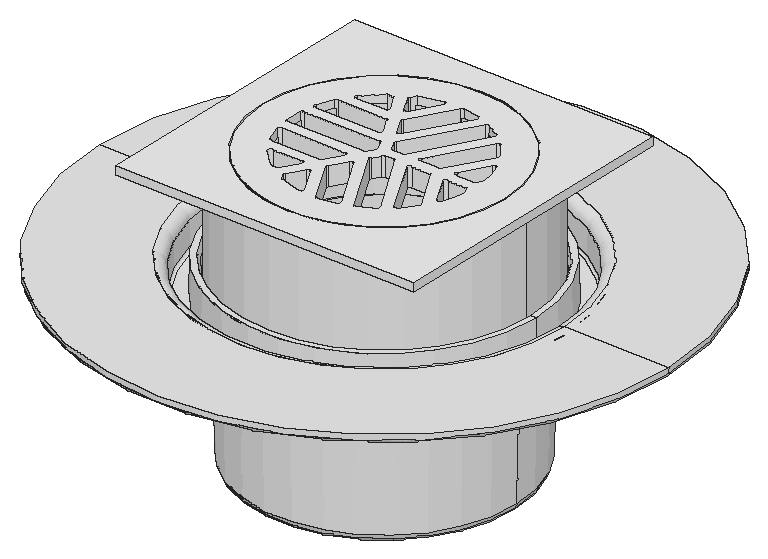
Revit family "4000.148 LM COB SQ HF BE100", category Plumbing Fixtures, Revit 2016
Family settings
  Part Type = Normal
  Round Connector Dimension = Use Diameter
  Work Plane-Based = No
  Always vertical = Yes
  Cut with Voids When Loaded = No
  Shared = No
  Room Calculation Point = No
Parameters (values of type "4000.148")
  Waste Connection = yes
  Vent Connection = no
  URL = "www.aquaknight.co.nz"
  Phone = "+6498322214"  # constant formula
  Model = "LM COB SQ HF BE100 – 4000.148"
  Manufacturer = "Aquanight Industries Ltd"  # constant formula
  HW Connection = no
  Email = "info@aquaknight.co.nz"  # constant formula
  Description = "DWV100 Free-form Tile Shower with Square Chrome LID"
  CW Connection = no
Reference planes
  plane 1 "Center (Front/Back)": y = 0
  plane 2: z = 0
  plane 3 "Center (Left/Right)": x = 0
  plane 4: z = -39.794
Forms (mm)
  Revolve 1, solid, material "PVC-Piping"
    sketch origin (-2.137, 0, 1.044) x (1, 0, 0) y (0, 0, 1)
      loop
        line (-67.564, -1.044) -> (-107.643, -1.044) -> (-107.643, -3.044)
        arc (-107.643, -3.044) -> (-107.35, -3.751) -> (-106.643, -4.044) r 1
        line (-106.643, -4.044) -> (-67.564, -4.044)
        arc (-67.564, -4.044) -> (-66.864, -4.33) -> (-66.564, -5.024) r 1
        line (-66.564, -5.024) -> (-66.38, -14.206)
        arc (-66.38, -14.206) -> (-65.303, -16.858) -> (-62.73, -18.111) r 4
        line (-62.73, -18.111) -> (-51.098, -19.128)
        arc (-51.098, -19.128) -> (-50.298, -19.518) -> (-49.963, -20.342) r 1.243
        line (-49.963, -20.342) -> (-48.994, -68.8) -> (-48.434, -70.248)
        arc (-48.434, -70.248) -> (-47.883, -70.944) -> (-47.035, -71.207) r 1.5
        line (-47.035, -71.207) -> (-46.162, -71.207) -> (-47.31, -13.84) -> (-49.643, -13.84) -> (-49.743, -8.84) -> (-50.363, -10.615) -> (-50.363, -8.84) -> (-50.363, 32.16) -> (-52.863, 32.16) -> (-52.863, -11.292) -> (-53.421, -8.84) -> (-53.513, -4.24) -> (-54.263, -1.74) -> (-56.563, -1.74) -> (-56.926, -15.607) -> (-62.468, -15.122)
        arc (-62.468, -15.122) -> (-63.112, -14.809) -> (-63.381, -14.146) r 1
        line (-63.381, -14.146) -> (-63.565, -4.964)
        arc (-63.565, -4.964) -> (-64.764, -2.187) -> (-67.564, -1.044) r 4
      axis (2.137, 32.16) -> (2.137, -71.207)
    angle from 0 to 360
  Extrusion 2, void
    sketch origin (0, 0, 4) x (0, 1, 0) y (-1, 0, 0)
      loop
        arc (28.066, 21.385) -> (25.082, 24.818) -> (21.681, 27.838) r 35.285
        arc (21.681, 27.838) -> (20.627, 27.948) -> (20.066, 27.049) r 1
        line (20.066, 27.049) -> (20.066, 15.627)
        arc (20.066, 15.627) -> (20.566, 14.761) -> (21.566, 14.761) r 1
        line (21.566, 14.761) -> (27.566, 18.225)
        arc (27.566, 18.225) -> (27.933, 18.591) -> (28.066, 19.091) r 1
        line (28.066, 19.091) -> (28.066, 21.385)
      loop
        line (16.033, 12.144) -> (16.033, 30.813)
        arc (16.033, 30.813) -> (15.881, 31.343) -> (15.472, 31.712) r 1
        arc (15.472, 31.712) -> (12.439, 33.02) -> (9.297, 34.038) r 35.285
        arc (9.297, 34.038) -> (8.426, 33.868) -> (8.033, 33.074) r 1
        line (8.033, 33.074) -> (8.033, 8.679)
        arc (8.033, 8.679) -> (8.533, 7.813) -> (9.533, 7.813) r 1
        line (9.533, 7.813) -> (15.533, 11.278)
        arc (15.533, 11.278) -> (15.899, 11.644) -> (16.033, 12.144) r 1
      loop
        arc (-8.033, 33.074) -> (-8.426, 33.868) -> (-9.297, 34.038) r 1
        arc (-9.297, 34.038) -> (-12.439, 33.02) -> (-15.472, 31.712) r 35.285
        arc (-15.472, 31.712) -> (-15.881, 31.343) -> (-16.033, 30.813) r 1
        line (-16.033, 30.813) -> (-16.033, 12.144)
        arc (-16.033, 12.144) -> (-15.899, 11.644) -> (-15.533, 11.278) r 1
        line (-15.533, 11.278) -> (-9.533, 7.813)
        arc (-9.533, 7.813) -> (-8.533, 7.813) -> (-8.033, 8.679) r 1
        line (-8.033, 8.679) -> (-8.033, 33.074)
      loop
        line (-28.066, 21.385) -> (-28.066, 19.091)
        arc (-28.066, 19.091) -> (-27.933, 18.591) -> (-27.566, 18.225) r 1
        line (-27.566, 18.225) -> (-21.566, 14.761)
        arc (-21.566, 14.761) -> (-20.566, 14.761) -> (-20.066, 15.627) r 1
        line (-20.066, 15.627) -> (-20.066, 27.049)
        arc (-20.066, 27.049) -> (-20.627, 27.948) -> (-21.681, 27.838) r 1
        arc (-21.681, 27.838) -> (-25.082, 24.818) -> (-28.066, 21.385) r 35.285
      loop
        arc (-32.553, 13.614) -> (-34.034, 9.313) -> (-34.949, 4.857) r 35.285
        arc (-34.949, 4.857) -> (-34.517, 3.89) -> (-33.459, 3.853) r 1
        line (-33.459, 3.853) -> (-23.566, 9.565)
        arc (-23.566, 9.565) -> (-23.066, 10.431) -> (-23.566, 11.297) r 1
        line (-23.566, 11.297) -> (-29.566, 14.761)
        arc (-29.566, 14.761) -> (-30.066, 14.895) -> (-30.566, 14.761) r 1
        line (-30.566, 14.761) -> (-32.553, 13.614)
      loop
        line (-18.533, 7.813) -> (-34.702, -1.521)
        arc (-34.702, -1.521) -> (-35.085, -1.918) -> (-35.199, -2.457) r 1
        arc (-35.199, -2.457) -> (-34.815, -5.738) -> (-34.126, -8.968) r 35.285
        arc (-34.126, -8.968) -> (-33.544, -9.637) -> (-32.659, -9.58) r 1
        line (-32.659, -9.58) -> (-11.533, 2.617)
        arc (-11.533, 2.617) -> (-11.033, 3.483) -> (-11.533, 4.349) r 1
        line (-11.533, 4.349) -> (-17.533, 7.813)
        arc (-17.533, 7.813) -> (-18.033, 7.947) -> (-18.533, 7.813) r 1
      loop
        line (-6.5, 0.866) -> (-31.578, -13.613)
        arc (-31.578, -13.613) -> (-32.031, -14.178) -> (-31.984, -14.901) r 1
        arc (-31.984, -14.901) -> (-30.558, -17.643) -> (-28.897, -20.249) r 35.285
        arc (-28.897, -20.249) -> (-28.294, -20.651) -> (-27.578, -20.541) r 1
        line (-27.578, -20.541) -> (-2.5, -6.062)
        arc (-2.5, -6.062) -> (-2.134, -5.696) -> (-2, -5.196) r 1
        line (-2, -5.196) -> (-2, -1.731)
        spline (-2, -1.731) -> (-2.004, -1.644) -> (-2.015, -1.558) -> (-2.034, -1.473) -> (-2.06, -1.39) -> (-2.094, -1.309) -> (-2.134, -1.232) -> (-2.181, -1.158) -> (-2.234, -1.089) -> (-2.292, -1.025) -> (-2.357, -0.966) -> (-2.426, -0.913) -> (-2.499, -0.866)
        line (-2.499, -0.866) -> (-5.5, 0.866)
        arc (-5.5, 0.866) -> (-6, 1) -> (-6.5, 0.866) r 1
      loop
        arc (-24.626, -23.494) -> (-25.118, -24.232) -> (-24.83, -25.07) r 1
        arc (-24.83, -25.07) -> (-22.377, -27.282) -> (-19.728, -29.255) r 35.285
        arc (-19.728, -29.255) -> (-19.203, -29.425) -> (-18.669, -29.292) r 1
        line (-18.669, -29.292) -> (-2.5, -19.957)
        arc (-2.5, -19.957) -> (-2.134, -19.591) -> (-2, -19.091) r 1
        line (-2, -19.091) -> (-2, -12.163)
        arc (-2, -12.163) -> (-2.5, -11.297) -> (-3.5, -11.297) r 1
        line (-3.5, -11.297) -> (-24.626, -23.494)
      loop
        line (-4.486, -34.999) -> (-2.5, -33.852)
        arc (-2.5, -33.852) -> (-2.134, -33.486) -> (-2, -32.986) r 1
        line (-2, -32.986) -> (-2, -26.058)
        arc (-2, -26.058) -> (-2.5, -25.192) -> (-3.5, -25.192) r 1
        line (-3.5, -25.192) -> (-13.392, -30.903)
        arc (-13.392, -30.903) -> (-13.89, -31.838) -> (-13.268, -32.695) r 1
        arc (-13.268, -32.695) -> (-8.952, -34.131) -> (-4.486, -34.999) r 35.285
      loop
        arc (4.486, -34.999) -> (8.952, -34.131) -> (13.268, -32.695) r 35.285
        arc (13.268, -32.695) -> (13.89, -31.838) -> (13.392, -30.903) r 1
        line (13.392, -30.903) -> (3.5, -25.192)
        arc (3.5, -25.192) -> (2.5, -25.192) -> (2, -26.058) r 1
        line (2, -26.058) -> (2, -32.986)
        arc (2, -32.986) -> (2.134, -33.486) -> (2.5, -33.852) r 1
        line (2.5, -33.852) -> (4.486, -34.999)
      loop
        line (2, -12.163) -> (2, -19.091)
        arc (2, -19.091) -> (2.134, -19.591) -> (2.5, -19.957) r 1
        line (2.5, -19.957) -> (18.669, -29.292)
        arc (18.669, -29.292) -> (19.203, -29.425) -> (19.728, -29.255) r 1
        arc (19.728, -29.255) -> (22.377, -27.282) -> (24.83, -25.07) r 35.285
        arc (24.83, -25.07) -> (25.118, -24.232) -> (24.626, -23.494) r 1
        line (24.626, -23.494) -> (3.5, -11.297)
        arc (3.5, -11.297) -> (2.5, -11.297) -> (2, -12.163) r 1
      loop
        line (2.5, -6.062) -> (27.578, -20.541)
        arc (27.578, -20.541) -> (28.294, -20.651) -> (28.897, -20.249) r 1
        arc (28.897, -20.249) -> (30.558, -17.643) -> (31.984, -14.901) r 35.285
        arc (31.984, -14.901) -> (32.031, -14.178) -> (31.578, -13.613) r 1
        line (31.578, -13.613) -> (6.5, 0.866)
        arc (6.5, 0.866) -> (6, 1) -> (5.5, 0.866) r 1
        line (5.5, 0.866) -> (2.499, -0.866)
        spline (2.499, -0.866) -> (2.426, -0.913) -> (2.357, -0.966) -> (2.292, -1.025) -> (2.234, -1.089) -> (2.181, -1.158) -> (2.134, -1.232) -> (2.094, -1.309) -> (2.06, -1.39) -> (2.034, -1.473) -> (2.015, -1.558) -> (2.004, -1.644) -> (2, -1.731)
        line (2, -1.731) -> (2, -5.196)
        arc (2, -5.196) -> (2.134, -5.696) -> (2.5, -6.062) r 1
      loop
        arc (32.659, -9.58) -> (33.544, -9.637) -> (34.126, -8.968) r 1
        arc (34.126, -8.968) -> (34.815, -5.738) -> (35.199, -2.457) r 35.285
        arc (35.199, -2.457) -> (35.085, -1.918) -> (34.702, -1.521) r 1
        line (34.702, -1.521) -> (18.533, 7.813)
        arc (18.533, 7.813) -> (18.033, 7.947) -> (17.533, 7.813) r 1
        line (17.533, 7.813) -> (11.533, 4.349)
        arc (11.533, 4.349) -> (11.033, 3.483) -> (11.533, 2.617) r 1
        line (11.533, 2.617) -> (32.659, -9.58)
      loop
        line (32.553, 13.614) -> (30.566, 14.761)
        arc (30.566, 14.761) -> (30.066, 14.895) -> (29.566, 14.761) r 1
        line (29.566, 14.761) -> (23.566, 11.297)
        arc (23.566, 11.297) -> (23.066, 10.431) -> (23.566, 9.565) r 1
        line (23.566, 9.565) -> (33.459, 3.853)
        arc (33.459, 3.853) -> (34.517, 3.89) -> (34.949, 4.857) r 1
        arc (34.949, 4.857) -> (34.034, 9.313) -> (32.553, 13.614) r 35.285
      loop
        line (4, 5.196) -> (4, 34.153)
        arc (4, 34.153) -> (3.737, 34.829) -> (3.088, 35.15) r 1
        arc (3.088, 35.15) -> (0, 35.285) -> (-3.088, 35.15) r 35.285
        arc (-3.088, 35.15) -> (-3.737, 34.829) -> (-4, 34.153) r 1
        line (-4, 34.153) -> (-4, 5.196)
        arc (-4, 5.196) -> (-3.866, 4.696) -> (-3.5, 4.33) r 1
        line (-3.5, 4.33) -> (-0.499, 2.598)
        spline (-0.499, 2.598) -> (-0.422, 2.557) -> (-0.342, 2.524) -> (-0.258, 2.498) -> (-0.173, 2.479) -> (-0.087, 2.468) -> (0, 2.464) -> (0.087, 2.468) -> (0.173, 2.479) -> (0.258, 2.498) -> (0.342, 2.524) -> (0.422, 2.557) -> (0.499, 2.598)
        line (0.499, 2.598) -> (3.5, 4.33)
        arc (3.5, 4.33) -> (3.866, 4.696) -> (4, 5.196) r 1
    from 0 to 97.858
  Extrusion 3, solid, material "Steel, Chrome Plated"
    sketch origin (0, 0, 4) x (0, 1, 0) y (-1, 0, 0)
      loop
        circle (0, 0) r 46.5
    from 29.204 to 32.204
  Extrusion 4, solid, material "Steel, Chrome Plated"
    sketch origin (0, 0, 33.204) x (-1, 0, 0) y (0, 1, 0)
      loop
        circle (0, 0) r 35
    from 0 to 4.3
  Extrusion 5, solid, material "Steel, Chrome Plated"
    sketch origin (0, 0, 4) x (0, 1, 0) y (-1, 0, 0)
      loop
        line (57.5, 57.5) -> (-57.5, 57.5) -> (-57.5, -57.5) -> (57.5, -57.5) -> (57.5, 57.5)
      loop
        circle (0, 0) r 47
    from 29.204 to 32.204
Cuts and joins
  Extrusion 2 cuts Extrusion 3
  Extrusion 2 cuts Extrusion 4
  joined: Extrusion 3, Extrusion 4
Lines and regions (mm)
  model lines, detail levels fine
    curve 1: circle (-67.02, -67.02, 0) r 3.15 normal (0, 0, -1)
    curve 2: circle (67.02, -67.02, 0) r 3.15 normal (0, 0, 1)
    curve 3: circle (-67.02, 67.02, 0) r 3.15 normal (0, 0, 1)
    curve 4: circle (67.02, 67.02, 0) r 3.15 normal (0, 0, -1)
Dimensions and locks
  locked: connector elem to plane 1 "Center (Front/Back)" at 0
  locked: connector elem to plane 3 "Center (Left/Right)"
  locked: plane 2 to plane 4 at 39.794
  aligned and locked: level to plane 2
Connectors
  piping at (0, 0, -39.794), diameter 80
    settings: on plane 4, index 1, connector inside diameter 609.6 mm, connector length 0 mm, flow factor 0, pipe flow 0.0 L/s, pressure drop 0.0 Pa, fitting loss kfactor 0, connector angle 0.00°, fixture units 0, engagement length 0 mm, angle of deflection 0.00°, flow configuration 0, flow direction 2, fitting loss method 0, system type 28, joint type 0, gender type 0, connector reference index -1, connector utility 0, adjustable connector no, is connector primary yes, connector description ""
